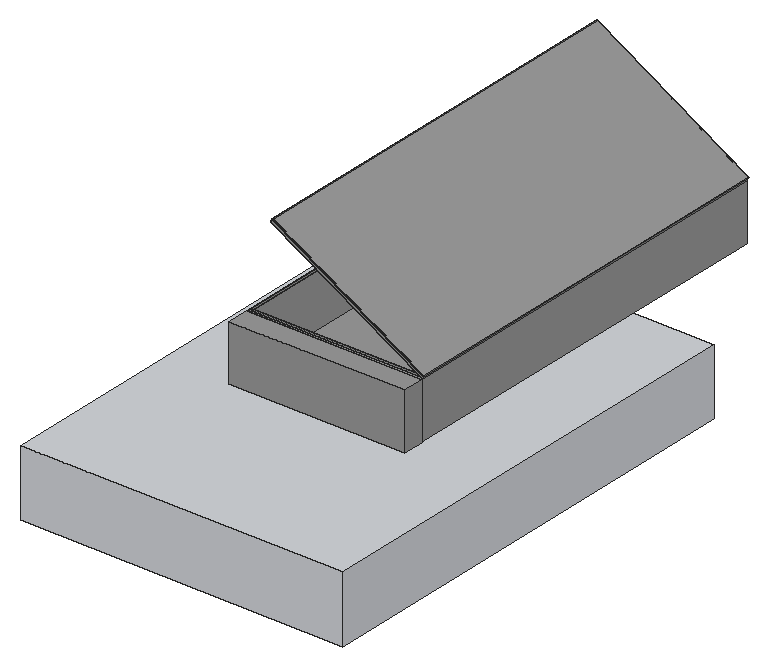
Revit family "Hager-Univers-IP55-D275-H1950-Cl.II-Steel_encl-NL-en", category Equipement électrique, Revit 2020
Family settings
  Hôte = Face
  Configuration du panneau = Deux colonnes, circuits au sein
  Cote de connecteur circulaire = Utiliser le diamètre
  Type d'élément = Tableau de raccordement
  Couper avec des vides une fois chargée = Non
  Partagée = Non
  Point de calcul de pièce = Non
Parameters (values of type "Floor installation IP55 W800 H1950 D275  - FR23S1")
  Width Control [instance] = if([EF000008 - Width] > Min Width, [EF000008 - Width], Min Width)  # 800 mm
  Commentaires du type = [HG000003 - Range]  # "Univers"
  Thickness Door [instance] = if([EF009171 - Material plate thickness door/cover] > 3 mm, 3 mm, [EF009171 - Material plate thickness door/cover])  # 1.5 mm
  Seal Frame Offset [instance] = 17 mm  # constant formula
  Plinth Visibility [instance] = [HG000027 - Plinth height] > 0 mm  # yes
  Model = ""
  Min Width [instance] = 100 mm  # constant formula
  Min Height [instance] = 100 mm  # constant formula
  Min Depth [instance] = (2 * [EF009170 - Material plate thickness cabinet]) + 1 mm  # 4 mm
  Internal Frame Depth [instance] = (Door System Depth * 0.5)  # 9 mm
  Height Control [instance] = if([EF000040 - Height] > Min Height, [EF000040 - Height], Min Height)  # 1950 mm
  HG000027 - Plinth height = 100 mm
  HG000026 - Floor standing = yes
  HG000024 - Bottom section height = 800 mm
  HG000023 - Double section enclosure = no
  HG000016 - Door 3d visibility [instance] = yes
  HG000015 - Clearance visibility [instance] = no
  HG000014 - Door on the right [instance] = yes
  HG000013 - Door on the left [instance] = not([HG000014 - Door on the right])  # no
  HG000012 - Door swing angle [instance] = 30.00°
  HG000010 - Asymmetric doors = no
  HG000009 - Double swing door = no
  HG000006 - Flush mounted = no
  HG000004 - Manufacturer reference = "FR23S1"
  HG000003 - Range = "Univers"
  HG000002 - With door or cover = yes
  Frame Offset Bottom [instance] = 10 mm  # constant formula
  Frame Offset [instance] = 15 mm  # constant formula
  EF015940 - Cover with overpressure release = no
  EF011959 - Degree of protection (NEMA) = ""
  EF009554 - Number of openings for flange plates = 6
  EF009212 - Cover model = "EV000116 - Closed"
  EF009171 - Material plate thickness door/cover = 1.5 mm
  EF009170 - Material plate thickness cabinet = 1.5 mm
  Fabricant = "Hager"  # constant formula
  EF008873 - Nominal current (In) = 800 A
  EF007800 - Suitable for lightning protection = no
  EF006306 - With lock = no
  EF006244 - Transparent cover/door = no
  EF005474 - Degree of protection (IP) = "EV006420 - IP55"
  EF004464 - Type of door = "EV002646 - Single"
  EF004427 - Number of modules = 432
  EF004293 - Impact strength = "EV008784 - IK10"
  EF003532 - Suitable for outdoor use = no
  EF002950 - Width in number of modular spacings = 24
  EF001613 - Circuit integrity = "EV000494 - None"
  EF001596 - Material housing = "EV000179 - Steel"
  EF001131 - Internal depth = 275 mm
  EF001088 - Extension possible = yes
  EF000437 - Number of conduit inlets = 6
  EF000339 - Type of cover = "EV004216 - Door"
  EF000266 - Number of rows = 12
  EF000218 - Built-in depth = 0 mm
  EF000118 - With mounting plate = no
  EF000116 - RAL-number = "7035"
  EF000049 - Depth = 275 mm
  EF000040 - Height = 1950 mm
  EF000008 - Width = 800 mm
  EF000007 - Colour = "EV000270 - Grey"
  EF000003 - Mounting method = "EV012274 - Floor installation"
  Door System Leaf Tolerance [instance] = 1.5 mm  # constant formula
  Door System Depth [instance] = 18 mm  # constant formula
  Door Height [instance] = Height Control - [HG000027 - Plinth height]  # 1850 mm
  Depth Control [instance] = if([EF000049 - Depth] > Min Depth, [EF000049 - Depth], Min Depth)  # 275 mm
  Default Elevation = 0 mm
  Connector Offset [instance] = Height Control / 2  # 975 mm
  Bottom Top Plate Trim [instance] = 1.5 mm  # constant formula
  Plinth height Ctrl [instance] = if([HG000027 - Plinth height] > 0 mm, [HG000027 - Plinth height], 12 mm)  # 100 mm
Types (11, lengths in mm): name | Width Control | HG000010 - Asymmetric doors | HG000009 - Double swing door | HG000004 - Manufacturer reference | EF009554 - Number of openings for flange plates | EF006244 - Transparent cover/door | EF004464 - Type of door | EF004427 - Number of modules | EF000437 - Number of conduit inlets | EF000008 - Width
  Floor installation IP55 W1050 H1950 D275  - FR24L1 | 1050 | yes | yes | "FR24L1" | 8 | yes | "EV003602 - Double" | 576 | 8 | 1050
  Floor installation IP55 W1050 H1950 D275  - FR24S1 | 1050 | yes | yes | "FR24S1" | 8 | no | "EV003602 - Double" | 576 | 8 | 1050
  Floor installation IP55 W1300 H1950 D275  - FR25L1 | 1300 | yes | yes | "FR25L1" | 10 | yes | "EV003602 - Double" | 720 | 10 | 1300
  Floor installation IP55 W1300 H1950 D275  - FR25S1 | 1300 | yes | yes | "FR25S1" | 10 | no | "EV003602 - Double" | 720 | 10 | 1300
  Floor installation IP55 W1550 H1950 D275  - FR26L1 | 1550 | yes | yes | "FR26L1" | 12 | yes | "EV003602 - Double" | 864 | 12 | 1550
  Floor installation IP55 W1550 H1950 D275  - FR26S1 | 1550 | yes | yes | "FR26S1" | 12 | no | "EV003602 - Double" | 864 | 12 | 1550
  Floor installation IP55 W300 H1950 D275  - FR21S1 | 300 | no | no | "FR21S1" | 2 | no | "EV002646 - Single" | 144 | 2 | 300
  Floor installation IP55 W550 H1950 D275  - FR22L1 | 550 | no | no | "FR22L1" | 4 | yes | "EV002646 - Single" | 288 | 4 | 550
  Floor installation IP55 W550 H1950 D275  - FR22S1 | 550 | no | no | "FR22S1" | 4 | no | "EV002646 - Single" | 288 | 4 | 550
  Floor installation IP55 W800 H1950 D275  - FR23L1 | 800 | no | no | "FR23L1" | 6 | yes | "EV002646 - Single" | 432 | 6 | 800
  Floor installation IP55 W800 H1950 D275  - FR23S1 | 800 | no | no | "FR23S1" | 6 | no | "EV002646 - Single" | 432 | 6 | 800
Reference planes
  plane 1 "Center (Front/Back)": y = 0
  plane 2: z = 0
  plane 3 "Center (Left/Right)": x = 0
  plane 4: z = 275
  plane 5: y = 101.5
  plane 6: y = 1025
  plane 7: y = 100
  plane 8: y = 1950
  plane 9: z = 0
  plane 10: x = -385
  plane 11: x = 385
  plane 12: x = 383.5
  plane 13: x = -383.5
  plane 14: y = 1948.5
  plane 15: x = -383
  plane 16: x = -400
  plane 17: x = 383
  plane 18: x = 400
  plane 19: x = 398.5
  plane 20: x = -398.5
  plane 21: y = 111.5
  plane 22: y = 1950
  plane 23: y = 1933.5
  plane 24: z = 257
  plane 25: z = 1.5
  plane 26: z = 255.5
  plane 27: z = 273.5
Forms (mm)
  Extrusion 1, solid
    sketch origin (0, 0, 0) x (1, 0, 0) y (0, 1, 0)
      loop
        line (-702.964, 1305) -> (-702.964, -811.445) -> (766.763, -811.445) -> (766.763, 1305) -> (-702.964, 1305)
    from 0 to -304.8
  Extrusion 2, solid, material "Hager_Steel_RAL7035_Light_Grey", visible <- "Plinth Visibility", detail levels medium+fine
    sketch origin (0, 0, 0) x (1, 0, 0) y (0, 1, 0)
      loop
        line (-400, 0) -> (400, 0) -> (400, 100) -> (-400, 100) -> (-400, 0)
    from 0 to 257
  Extrusion 3, solid, material "Hager_Steel_RAL7035_Light_Grey", detail levels medium+fine
    sketch origin (0, 0, 0) x (1, 0, 0) y (0, 1, 0)
      loop
        line (-400, 100) -> (400, 100) -> (400, 1950) -> (-400, 1950) -> (-400, 100)
    from 0 to 257
  Extrusion 4, void
    sketch origin (0, 0, 0) x (1, 0, 0) y (0, 1, 0)
      loop
        line (-398.5, 101.5) -> (398.5, 101.5) -> (398.5, 1948.5) -> (-398.5, 1948.5) -> (-398.5, 101.5)
    from 1.5 to 255.5
  Extrusion 5, void
    sketch origin (-381.607, -4572, 257) x (0, -1, 0) y (-1, 0, 0)
      loop
        line (-4683.5, 1.893) -> (-6505.5, 1.893) -> (-6505.5, -765.107) -> (-4683.5, -765.107) -> (-4683.5, 1.893)
    from 0 to 1.5 <- "EF009170 - Material plate thickness cabinet"
  Extrusion 6, solid, material "Hager_Steel_RAL7035_Light_Grey", detail levels fine
    sketch origin (0, 0, 257) x (1, 0, 0) y (0, 1, 0)
      loop
        line (-383.5, 1933.5) -> (-383.5, 111.5) -> (383.5, 111.5) -> (383.5, 1933.5) -> (-383.5, 1933.5)
      loop
        line (-385, 110) -> (385, 110) -> (385, 1935) -> (-385, 1935) -> (-385, 110)
    from 0 to 9 <- "Internal Frame Depth"
  Extrusion 7, solid, material "Hager_Steel_RAL7035_Light_Grey", detail levels coarse
    sketch origin (0, 0, 0) x (1, 0, 0) y (0, 1, 0)
      loop
        line (-400, 0) -> (400, 0) -> (400, 1950) -> (-400, 1950) -> (-400, 0)
    from 0 to 275
  Sweep 8, void
    path in 3D
      loop
        line (-400, 100, 0) -> (400, 100, 0) -> (400, 100, 257) -> (-400, 100, 257) -> (-400, 100, 0)
    profile origin (-400, 100, 128.5) x (-1, 0, 0) y (0, -1, 0)
      loop
        line (0, 0) -> (0, 1.5) -> (-1.5, 1.5)
        arc (-1.5, 1.5) -> (-1.061, 0.439) -> (0, 0) r 1.5
Cuts and joins
  Extrusion 4, Extrusion 5 cuts Extrusion 3
  Sweep 8 cuts Extrusion 2
Lines and regions (mm)
  Masking region 1
    outline origin (0, 0, 0) x (1, 0, 0) y (0, 0, 1)
      loop
        line (-400, 275) -> (-400, 0) -> (400, 0) -> (400, 275) -> (-400, 275)
  Masking region 2, detail levels medium+fine
    outline origin (0, 140, 0) x (0, 1, 0) y (0, 0, 1)
      loop
        line (-40, 0) -> (1810, 0) -> (1810, 257) -> (-40, 257) -> (-40, 0)
  Masking region 3, not visible, detail levels medium+fine
    outline origin (0, 297.922, 0) x (0, 1, 0) y (0, 0, 1)
      loop
        line (738.578, 0) -> (778.578, 0) -> (778.578, 263.5)
        arc (778.578, 263.5) -> (775.649, 270.571) -> (768.578, 273.5) r 10
        line (768.578, 273.5) -> (738.578, 273.5) -> (738.578, 0)
  Masking region 4, detail levels coarse
    outline origin (0, 0, 180) x (0, 1, 0) y (0, 0, 1)
      loop
        line (0, -180) -> (1950, -180) -> (1950, 95) -> (0, 95) -> (0, -180)
  Masking region 5, visible <- "Plinth Visibility", detail levels medium+fine
    outline origin (0, 52.24, 12.345) x (0, 0, -1) y (0, 1, 0)
      loop
        line (10.845, 47.76) -> (-243.155, 47.76)
        arc (-243.155, 47.76) -> (-243.594, 46.699) -> (-244.655, 46.26) r 1.5
        line (-244.655, 46.26) -> (-244.655, -52.24) -> (12.345, -52.24) -> (12.345, 46.26)
        arc (12.345, 46.26) -> (11.285, 46.699) -> (10.845, 47.76) r 1.5
  Masking region 6, detail levels medium+fine
    outline origin (-381.607, -4572, 257) x (-1, 0, 0) y (0, -1, 0)
      loop
        line (18.393, -6522) -> (18.393, -4672) -> (-781.607, -4672) -> (-781.607, -6522) -> (18.393, -6522)
  Masking region 7, visible <- "Plinth Visibility", detail levels medium+fine
    outline origin (-381.607, -4727, 257) x (-1, 0, 0) y (0, -1, 0)
      loop
        arc (16.893, -4827) -> (17.332, -4825.939) -> (18.393, -4825.5) r 1.5
        line (18.393, -4825.5) -> (18.393, -4727) -> (-781.607, -4727) -> (-781.607, -4825.5)
        arc (-781.607, -4825.5) -> (-780.546, -4825.939) -> (-780.107, -4827) r 1.5
        line (-780.107, -4827) -> (16.893, -4827)
  Masking region 8, detail levels coarse
    outline origin (-442.548, -4669.526, 257) x (-1, 0, 0) y (0, -1, 0)
      loop
        line (-42.548, -6619.526) -> (-42.548, -4669.526) -> (-842.548, -4669.526) -> (-842.548, -6619.526) -> (-42.548, -6619.526)
  sketch lines
    curve 1: line (-400, 100, 257) -> (-400, 100, 0)
    curve 2: line (400, 100, 257) -> (-400, 100, 257)
    curve 3: line (400, 100, 257) -> (400, 100, 0)
    curve 4: line (-400, 100, 0) -> (400, 100, 0)
Dimensions and locks
  "Depth Control": plane 4 to Extrusion 1
  "HG000027 - Plinth height": plane 1 "Center (Front/Back)" to plane 7
  "EF009170 - Material plate thickness cabinet": plane 5 to plane 7
  locked: connector elem to plane 3 "Center (Left/Right)"
  equal spacing: plane 8, plane 6, plane 7
  locked: connector elem to plane 6
  "EF009170 - Material plate thickness cabinet": plane 8 to plane 14
  "EF009170 - Material plate thickness cabinet": plane 10 to plane 13
  "EF009170 - Material plate thickness cabinet": plane 12 to plane 11
  "Frame Offset": plane 20 to plane 13
  "Frame Offset": plane 12 to plane 19
  "EF009170 - Material plate thickness cabinet": plane 16 to plane 20
  "EF009170 - Material plate thickness cabinet": plane 19 to plane 18
  "Seal Frame Offset": plane 16 to plane 15
  "Seal Frame Offset": plane 17 to plane 18
  "Frame Offset Bottom": plane 21 to plane 5
  "Frame Offset": plane 14 to plane 23
  equal spacing: plane 16, plane 3 "Center (Left/Right)", plane 18
  "Width Control": plane 16 to plane 18
  "EF009170 - Material plate thickness cabinet": plane 4 to plane 27
  "EF009170 - Material plate thickness cabinet": plane 24 to plane 26
  "EF009170 - Material plate thickness cabinet": plane 25 to level
  "Door System Depth": plane 4 to plane 24
  "Height Control": plane 1 "Center (Front/Back)" to Extrusion 7 sketch curve
  "Height Control": Masking region 4 sketch curve to plane 1 "Center (Front/Back)"
  "Height Control": plane 1 "Center (Front/Back)" to plane 22
  "Bottom Top Plate Trim": profile plane to Sweep 8 sketch curve
  "Bottom Top Plate Trim": Sweep 8 sketch curve to profile plane
  "Plinth height Ctrl": plane 1 "Center (Front/Back)" to Extrusion 2 sketch curve
  "Plinth height Ctrl": Masking region 5 sketch curve to plane 1 "Center (Front/Back)"
  "Plinth height Ctrl": plane 1 "Center (Front/Back)" to Masking region 7 sketch curve
  "Thickness Door": Extrusion 6 sketch curve to Extrusion 6 sketch curve  (x3)
  "Thickness Door": cut or joined group of Extrusion 3, Extrusion 4, Extrusion 5 to Extrusion 6 sketch curve
  radius of Masking region 3 sketch curve = 10 mm
  "Bottom Top Plate Trim": radius of Masking region 5 sketch curve  (x2)
  "Bottom Top Plate Trim": radius of Sweep 8 sketch curve
  "Bottom Top Plate Trim": radius of Masking region 7 sketch curve  (x2)
  aligned and locked: plane 2 to Extrusion 1
  aligned and locked: level to Extrusion 1
  aligned and locked: level to Masking region 1 sketch curve
  aligned and locked: Masking region 1 sketch curve to plane 18
  aligned and locked: Masking region 1 sketch curve to plane 16
  aligned and locked: plane 7 to Masking region 2 sketch curve
  aligned and locked: level to Masking region 3 sketch curve
  aligned and locked: Masking region 3 sketch curve to plane 27
  aligned and locked: level to Masking region 2 sketch curve
  aligned and locked: plane 1 "Center (Front/Back)" to Extrusion 2 sketch curve
  aligned and locked: Extrusion 3 sketch curve to plane 7
  aligned and locked: plane 16 to Extrusion 3 sketch curve
  aligned and locked: plane 18 to Extrusion 3 sketch curve
  aligned and locked: plane 20 to Extrusion 4 sketch curve
  aligned and locked: plane 19 to Extrusion 4 sketch curve
  aligned and locked: Extrusion 4 sketch curve to plane 5
  aligned and locked: Extrusion 4 to plane 25
  aligned and locked: plane 26 to Extrusion 4
  aligned and locked: plane 24 to Extrusion 3
  aligned and locked: Extrusion 5 sketch curve to plane 21
  aligned and locked: Extrusion 5 sketch curve to plane 13
  aligned and locked: Extrusion 5 sketch curve to plane 12
  aligned and locked: plane 18 to Extrusion 7 sketch curve
  aligned and locked: plane 1 "Center (Front/Back)" to Extrusion 7 sketch curve
  aligned and locked: plane 16 to Extrusion 7 sketch curve
  aligned and locked: plane 4 to Extrusion 7
  aligned and locked: Extrusion 7 to level
  aligned and locked: level to Masking region 4 sketch curve
  aligned and locked: Masking region 4 sketch curve to plane 1 "Center (Front/Back)"
  aligned and locked: Masking region 4 sketch curve to plane 4
  aligned and locked: nested 1 to level
  aligned and locked: nested 1 to plane 16
  aligned and locked: plane 8 to Extrusion 3 sketch curve
  aligned and locked: plane 23 to Extrusion 5 sketch curve
  aligned and locked: plane 14 to Extrusion 4 sketch curve
  aligned and locked: Masking region 2 sketch curve to plane 8
  aligned and locked: level to Masking region 5 sketch curve
  aligned and locked: plane 16 to Extrusion 2 sketch curve
  aligned and locked: plane 18 to Extrusion 2 sketch curve
  aligned and locked: Masking region 5 sketch curve to plane 24
  aligned and locked: Masking region 2 sketch curve to plane 24
  aligned and locked: plane 24 to Extrusion 2
  aligned and locked: profile plane to Sweep 8 sketch curve  (x2)
  aligned and locked: Masking region 6 sketch curve to plane 18
  aligned and locked: Masking region 6 sketch curve to plane 22
  aligned and locked: Masking region 6 sketch curve to plane 16
  aligned and locked: plane 8 to plane 22
  aligned and locked: Masking region 6 sketch curve to plane 7
  aligned and locked: Masking region 7 sketch curve to plane 16
  aligned and locked: Masking region 7 sketch curve to plane 1 "Center (Front/Back)"
  aligned and locked: Masking region 7 sketch curve to plane 18
  aligned and locked: Masking region 8 sketch curve to plane 1 "Center (Front/Back)"
  aligned and locked: Masking region 8 sketch curve to plane 18
  aligned and locked: Masking region 8 sketch curve to plane 22
  aligned and locked: Masking region 8 sketch curve to plane 16
  aligned and locked: nested 2 to plane 7
  aligned and locked: plane 3 "Center (Left/Right)" to nested 2
  aligned and locked: nested 2 to plane 24
  aligned and locked: Extrusion 6 sketch curve to cut or joined group of Extrusion 3, Extrusion 4, Extrusion 5  (x4)
Automatic sketch dimensions
  Extrusion 1 sketch curve to Extrusion 1 sketch curve = 1469.727 mm
  Extrusion 1 sketch curve to Extrusion 1 sketch curve = 2116.445 mm
  Masking region 1 sketch curve to plane 4 = 0 mm
  plane 6 to Masking region 3 sketch curve = 11.5 mm
  Masking region 3 sketch curve to Masking region 3 sketch curve = 30 mm
  Masking region 5 sketch curve to plane 1 "Center (Front/Back)" = 0 mm
Nested families
  nested 1: "Hager_Enclosure_Symbol" at (-400, 0, 0) x (1, 0, 0) z (0, -1, 0), Height <- "Depth Control", Width <- "Width Control", type "Hager_Enclosure_Symbol"
    with Width_Ctrl 800 mm, Width 800 mm, Height_Ctrl 275 mm, Height 275 mm, A_Width_Int 18.047 mm, A_Width 216.562 mm, A_Height_Ctrl 240.625 mm, A_Height 240.625 mm
  nested 2: "EC000058_Univers_Door" at (0, 100, 257) x (1, 0, 0) z (0, 1, 0), Leaf_Tolerance <- "Door System Leaf Tolerance", Angle <- "HG000012 - Door swing angle", Door_Depth <- "Door System Depth", Door_Left <- "HG000013 - Door on the left", Transparent <- "EF006244 - Transparent cover/door", Assymetrical <- "HG000010 - Asymmetric doors", Width <- "Width Control", Clearance <- "HG000015 - Clearance visibility", Double <- "HG000009 - Double swing door", 3d_Door <- "HG000016 - Door 3d visibility", Lock_Visibility <- "EF006306 - With lock", Width_Ctrl <- "Width Control", Door_Right <- "HG000014 - Door on the right", Door <- "HG000002 - With door or cover", Height <- "Door Height", Thickness <- "Thickness Door", type "EC000058_Univers_Door", detail levels medium+fine
    with min_wh 4 mm, Width_Ctrl 800 mm, Width 800 mm, Transparent no, Thickness 1.5 mm, Seal_Material Hager_Rubber, Lock_Visibility no, Lock_Material Hager_Plastic_RAL9005_Jet_Black, Leaf_Width 800 mm, Leaf_Tolerance_External_Sides 0 mm, Leaf_Tolerance 1.5 mm, Leaf_Offset 0 mm, Leaf_Height 1847 mm, Leaf_2_Width 800 mm, Leaf_2_Offset 400 mm, Leaf_1_Width 800 mm, Leaf_1_Offset 400 mm, Height_Ctrl 1850 mm, Height 1850 mm, Glass_Material Hager_Glass, Double_Clearance_Ctrl no, Double no, Door_Right_Ctrl yes, Door_Right yes, Door_Material Hager_Steel_RAL7035_Light_Grey, Door_Left_Ctrl no, Door_Left no, Door_Depth 18 mm, Door yes, Clearance_Material Hager_Clearance, Clearance_Depth 800 mm, Clearance_Ctrl no, Clearance no, Assymetrical no, Angle 30.00°, 3d_Door yes
Connectors
  electrical at (0, 1025, 0)
    settings: on plane 9, index 1, voltage 0 V, apparent load 0 VA, apparent load phase1 0 VA, apparent load phase2 0 VA, apparent load phase3 0 VA, power factor 1, load classification "Other", number of poles 1, system type 30, power factor state 1, is connector primary yes, connector utility no, sub classification motor no, connector description ""
Definition of nested family "EC000058_Univers_Door"
  Parameters (values of type "EC000058_Univers_Door")
    min_wh [instance] = (2 * Thickness) + 1 mm  # 11 mm
    Width_Ctrl [instance] = 400 mm
    Width [instance] = 500 mm
    Transparent [instance] = yes
    Thickness [instance] = 5 mm
    Seal_Material [instance] = none
    Lock_Visibility [instance] = yes
    Lock_Material [instance] = none
    Leaf_Width [instance] = if((Width_Ctrl - 2 * Leaf_Tolerance_External_Sides) > 0 mm, (Width_Ctrl - 2 * Leaf_Tolerance_External_Sides), min_wh)  # 400 mm
    Leaf_Tolerance_External_Sides [instance] = 0 mm  # constant formula
    Leaf_Tolerance [instance] = 1.5 mm
    Leaf_Offset [instance] = 0 mm  # constant formula
    Leaf_Height [instance] = if((Height_Ctrl - 2 * Leaf_Tolerance) > 0 mm, (Height_Ctrl - 2 * Leaf_Tolerance), min_wh)  # 497 mm
    Leaf_2_Width [instance] = if(and(and(Double, Assymetrical), Door_Left), (Leaf_Width / 3) - (Leaf_Tolerance / 2), if(and(and(Double, Assymetrical), Door_Right), (Leaf_Width / 3) * 2 - (Leaf_Tolerance / 2), if(and(Double, not(Assymetrical)), (Leaf_Width / 2) - Leaf_Tolerance, Leaf_Width)))  # 400 mm
    Leaf_2_Offset [instance] = if(and(Double, Assymetrical), Leaf_2_Width / 2, if(and(Double, not(Assymetrical)), Leaf_Width / 4, Leaf_Width / 2))  # 200 mm
    Leaf_1_Width [instance] = if(and(and(Double, Assymetrical), Door_Right), (Leaf_Width / 3) - (Leaf_Tolerance / 2), if(and(and(Double, Assymetrical), Door_Left), (Width / 3) * 2 - (Leaf_Tolerance / 2), if(and(Double, not(Assymetrical)), (Leaf_Width / 2) - Leaf_Tolerance, Leaf_Width)))  # 400 mm
    Leaf_1_Offset [instance] = if(and(Double, Assymetrical), Leaf_1_Width / 2, if(and(Double, not(Assymetrical)), Leaf_Width / 4, Leaf_Width / 2))  # 200 mm
    Height_Ctrl [instance] = if(Height > min_wh, Height, min_wh)  # 500 mm
    Height [instance] = 500 mm
    Glass_Material [instance] = none
    Double_Clearance_Ctrl [instance] = and(Double, Clearance)  # no
    Double [instance] = no
    Door_Right_Ctrl [instance] = and(or(Door_Right, Double), Door)  # yes
    Door_Right [instance] = yes
    Door_Material [instance] = none
    Door_Left_Ctrl [instance] = and(or(Door_Left, Double), Door)  # no
    Door_Left [instance] = no
    Door_Depth [instance] = 30 mm
    Door [instance] = yes
    Default Elevation = 1219.2 mm
    Clearance_Material [instance] = none
    Clearance_Depth [instance] = if(Leaf_1_Width > Leaf_2_Width, Leaf_1_Width, Leaf_2_Width)  # 400 mm
    Clearance_Ctrl [instance] = and(not(Double), Clearance)  # yes
    Clearance [instance] = yes
    Assymetrical [instance] = yes
    Angle [instance] = 30.00°
    3d_Door [instance] = yes
  Reference planes
    plane 1 "Center (Front/Back)": y = 0
    plane 2 "Bottom": z = 0
    plane 3 "Center (Left/Right)": x = 0
    plane 4: z = 500
    plane 5: x = -200
    plane 6: x = 200
    plane 7: z = 500
    plane 8: x = -200
    plane 9: z = 0
    plane 10: x = 200
    plane 11: y = 0
    plane 12: z = 1.5
    plane 13: x = -600
    plane 14: y = -400
    plane 15: x = 600
    plane 16: x = 0
    plane 17: x = 0
    plane 18: x = -200
    plane 19: x = 200
    plane 20: z = 498.5
  Forms (mm)
    Extrusion 1, solid, material <- "Clearance_Material", visible <- "Double_Clearance_Ctrl"
      sketch origin (1200, 0, 0) x (1, 0, 0) y (0, 0, -1)
        loop
          line (-1800, -498.5) -> (-600, -498.5) -> (-600, 0) -> (-1800, 0) -> (-1800, -498.5)
      from 0 to -400
  Dimensions and locks
    equal spacing: plane 5, plane 3 "Center (Left/Right)", plane 6
    "Width_Ctrl": plane 5 to plane 6
    "Leaf_Offset": plane 5 to plane 8
    "Leaf_Offset": plane 6 to plane 10
    "Leaf_Offset": plane 9 to level
    "Leaf_Offset": plane 4 to plane 7
    "Height_Ctrl": plane 4 to level
    "Leaf_Tolerance": plane 12 to plane 9
    locked: plane 11 to plane 1 "Center (Front/Back)"
    "Leaf_1_Offset": plane 18 to plane 16
    "Leaf_2_Offset": plane 17 to plane 19
    "Leaf_1_Width": plane 13 to plane 8
    "Leaf_2_Width": plane 10 to plane 15
    "Clearance_Depth": plane 14 to plane 1 "Center (Front/Back)"
    "Leaf_Tolerance_External_Sides": plane 8 to plane 18
    "Leaf_Tolerance_External_Sides": plane 19 to plane 10
    "Leaf_Tolerance": plane 7 to plane 20
    aligned and locked: level to plane 2 "Bottom"
    aligned and locked: nested 1 to plane 16
    aligned and locked: nested 2 to plane 17
    aligned and locked: Extrusion 1 to plane 13
    aligned and locked: plane 15 to Extrusion 1
    aligned and locked: Extrusion 1 to plane 14
    aligned and locked: plane 12 to nested 1
    aligned and locked: nested 2 to plane 12
    aligned and locked: Extrusion 1 to plane 11
    aligned and locked: plane 20 to Extrusion 1
    aligned and locked: nested 2 to plane 11
    aligned and locked: nested 1 to plane 11
  Automatic sketch dimensions
    Extrusion 1 sketch curve to level = 0 mm
    plane 5 to Extrusion 1 sketch curve = 400 mm
    plane 6 to Extrusion 1 sketch curve = 400 mm
    Extrusion 1 sketch curve to plane 4 = 1.5 mm
  Nested families
    nested 1: "EC000058_Univers_Door_Leaf" at (0, 0, 1.5), Width <- "Leaf_1_Width", visible <- "Door_Left_Ctrl", Leaf_Height <- "Leaf_Height", Angle <- "Angle", 3d_Door <- "3d_Door", Transparent <- "Transparent", Clearance Material <- "Clearance_Material", Clearance <- "Clearance_Ctrl", Door_Material <- "Door_Material", Glass_Material <- "Glass_Material", Door_Depth <- "Door_Depth", Lock_Material <- "Lock_Material", Seal_Material <- "Seal_Material", Lock_Visibility <- "Lock_Visibility", Thickness <- "Thickness", type "EC000058_Univers_Door_Leaf"
      with Width 400 mm, Transparent_Glass_Offset 30 mm, Transparent_Ctrl yes, Transparent yes, Thickness 5 mm, Standard no, Seal_Material none, Seal_D2 8 mm, Seal_D1 1 mm, Offset_Internal_Frame 10 mm, Lock_Width 20 mm, Lock_Visibility_3d yes, Lock_Visibility yes, Lock_Thickness_3 3 mm, Lock_Thickness_2 1 mm, Lock_Thickness_1 3 mm, Lock_Radius_Offset_2 16 mm, Lock_Radius_Offset_1 15 mm, Lock_Radius_2 5 mm, Lock_Radius 6 mm, Lock_Offset 5 mm, Lock_Material none, Lock_Height 80 mm, Lock_Cover_Top_Offset_2d 17 mm, Lock_Cover_Height -65 mm, Leaf_Height 497 mm, Internal_Seal_Thickness 8 mm, Internal_Seal_Depth_2 4.5 mm, Internal_Frame_Depth 25 mm, Glass_Thickness -1 mm, Glass_Offset -2 mm, Glass_Material none, Door_Material none, Door_Depth 30 mm, Clearance Material none, Clearance yes, Angle_Ctrl 30.00°, Angle 30.00°, 3d_Door yes
    nested 2: "EC000058_Univers_Door_Leaf" at (0, 0, 1.5) x (-1, 0, 0) z (0, 0, 1), Width <- "Leaf_2_Width", visible <- "Door_Right_Ctrl", Leaf_Height <- "Leaf_Height", Angle <- "Angle", 3d_Door <- "3d_Door", Transparent <- "Transparent", Clearance Material <- "Clearance_Material", Clearance <- "Clearance_Ctrl", Door_Material <- "Door_Material", Glass_Material <- "Glass_Material", Door_Depth <- "Door_Depth", Lock_Material <- "Lock_Material", Seal_Material <- "Seal_Material", Lock_Visibility <- "Lock_Visibility", Thickness <- "Thickness", type "EC000058_Univers_Door_Leaf"
      with Width 400 mm, Transparent_Glass_Offset 30 mm, Transparent_Ctrl yes, Transparent yes, Thickness 5 mm, Standard no, Seal_Material none, Seal_D2 8 mm, Seal_D1 1 mm, Offset_Internal_Frame 10 mm, Lock_Width 20 mm, Lock_Visibility_3d yes, Lock_Visibility yes, Lock_Thickness_3 3 mm, Lock_Thickness_2 1 mm, Lock_Thickness_1 3 mm, Lock_Radius_Offset_2 16 mm, Lock_Radius_Offset_1 15 mm, Lock_Radius_2 5 mm, Lock_Radius 6 mm, Lock_Offset 5 mm, Lock_Material none, Lock_Height 80 mm, Lock_Cover_Top_Offset_2d 17 mm, Lock_Cover_Height -65 mm, Leaf_Height 497 mm, Internal_Seal_Thickness 8 mm, Internal_Seal_Depth_2 4.5 mm, Internal_Frame_Depth 25 mm, Glass_Thickness -1 mm, Glass_Offset -2 mm, Glass_Material none, Door_Material none, Door_Depth 30 mm, Clearance Material none, Clearance yes, Angle_Ctrl 30.00°, Angle 30.00°, 3d_Door yes
  Definition of nested family "EC000058_Univers_Door_Leaf"
    Parameters (values of type "EC000058_Univers_Door_Leaf")
      Width [instance] = 2000 mm
      Transparent_Glass_Offset [instance] = 30 mm
      Transparent_Ctrl [instance] = and(Transparent, [3d_Door])  # yes
      Transparent [instance] = yes
      Thickness [instance] = 5 mm
      Standard [instance] = and(not(Transparent), [3d_Door])  # no
      Seal_Material [instance] = none
      Seal_D2 [instance] = 8 mm  # constant formula
      Seal_D1 [instance] = 1 mm  # constant formula
      Offset_Internal_Frame [instance] = 10 mm  # constant formula
      Lock_Width [instance] = 20 mm  # constant formula
      Lock_Visibility_3d [instance] = and(Lock_Visibility, [3d_Door])  # yes
      Lock_Visibility [instance] = yes
      Lock_Thickness_3 [instance] = 3 mm  # constant formula
      Lock_Thickness_2 [instance] = 1 mm  # constant formula
      Lock_Thickness_1 [instance] = 3 mm  # constant formula
      Lock_Radius_Offset_2 [instance] = Lock_Radius_Offset_1 + 1 mm  # 16 mm
      Lock_Radius_Offset_1 [instance] = 15 mm  # constant formula
      Lock_Radius_2 [instance] = Lock_Radius - 1 mm  # 5 mm
      Lock_Radius [instance] = 6 mm  # constant formula
      Lock_Offset [instance] = 5 mm  # constant formula
      Lock_Material [instance] = none
      Lock_Height [instance] = 80 mm  # constant formula
      Lock_Cover_Top_Offset_2d [instance] = Lock_Radius_Offset_2 + 1 mm  # 17 mm
      Lock_Cover_Height [instance] = -(Lock_Height - Lock_Radius_Offset_1)  # -65 mm
      Leaf_Height [instance] = 2720.336 mm
      Internal_Seal_Thickness [instance] = 8 mm  # constant formula
      Internal_Seal_Depth_2 [instance] = 4.5 mm  # constant formula
      Internal_Frame_Depth [instance] = if(Door_Depth - Thickness > 5 mm, Door_Depth - Thickness, 5 mm)  # 25 mm
      Glass_Thickness [instance] = if(Thickness > 15 mm, Glass_Offset + 10 mm, -1 mm)  # -1 mm
      Glass_Offset [instance] = if(Thickness > 15 mm, -(Thickness + 10 mm) / 2, -2 mm)  # -2 mm
      Glass_Material [instance] = none
      Door_Material [instance] = none
      Door_Depth [instance] = 30 mm
      Default Elevation = 0 mm
      Clearance Material [instance] = none
      Clearance [instance] = yes
      Angle_Ctrl [instance] = if(Angle > 180.00°, 180.00°, Angle)  # 90.00°
      Angle [instance] = 90.00°
      3d_Door [instance] = yes
    Reference planes
      plane 1 "Center (Front/Back)": y = 0
      plane 2: z = 0
      plane 3 "Center (Left/Right)": x = 0
      plane 4: y = 2000
      plane 5: x = -1000
      plane 6: x = 1000
      plane 7: x = -3000
      plane 8: z = 2720.336
      plane 9: z = 30
      plane 10: z = 2690.336
      plane 11: x = 970
      plane 12: x = -970
      plane 13: y = -3
      plane 14: z = 107.833
      plane 15: y = -5
      plane 16: y = -223.314
      plane 17: x = -1000
      plane 18: z = 1360.168
      plane 19: y = 30
    Forms (mm)
      Extrusion 1, solid, material <- "Clearance Material", visible <- "Clearance"
        sketch origin (0, 0, 0) x (1, 0, 0) y (0, 0, 1)
          loop
            line (-3000, 2720.336) -> (-3000, 0) -> (1000, 0) -> (1000, 2720.336) -> (-3000, 2720.336)
        from 0 to -2000
      Extrusion 2, solid, material <- "Door_Material", visible <- "Standard", detail levels medium+fine
        sketch origin (-1000, 0, 0) x (0, 1, 0) y (-1, 0, 0)
          loop
            line (0, 30) -> (0, 25) -> (2000, 25) -> (2000, 30) -> (0, 30)
        from 0 to 2720.336 <- "Leaf_Height"
      Extrusion 3, solid, material <- "Door_Material", visible <- "Transparent_Ctrl", detail levels medium+fine
        sketch origin (-1000, 0, 0) x (0, 1, 0) y (-1, 0, 0)
          loop
            line (0, 25) -> (2000, 25) -> (2000, 30) -> (0, 30) -> (0, 25)
        from 0 to 2720.336 <- "Leaf_Height"
      Extrusion 4, void
        sketch origin (-1025, 2000, 0) x (0, 1, 0) y (0, 0, -1)
          loop
            line (-30, -2690.336) -> (-30, -30) -> (-1970, -30) -> (-1970, -2690.336) -> (-30, -2690.336)
        from 0 to 5 <- "Thickness"
      Sweep 5, solid, material <- "Seal_Material", visible <- "Transparent_Ctrl", detail levels fine
        path in 3D
          loop
            line (-1025, 30, 30) -> (-1025, 30, 2690.336) -> (-1025, 1970, 2690.336) -> (-1025, 1970, 30) -> (-1025, 30, 30)
        profile origin (-1025, 1000, 30) x (1, 0, 0) y (0, 0, 1)
          loop
            line (0, 0) -> (0, -8) -> (1, -8) -> (1, 0) -> (0, 0)
      Extrusion 6, solid, material <- "Glass_Material", visible <- "Transparent_Ctrl", detail levels medium+fine
        sketch origin (-1030, 0, 0) x (0, 1, 0) y (0, 0, -1)
          loop
            line (1970, -2690.336) -> (1970, -30) -> (30, -30) -> (30, -2690.336) -> (1970, -2690.336)
        from -2 <- "Glass_Offset" to -1 <- "Glass_Thickness"
      Extrusion 7, solid, material <- "Door_Material", visible <- "3d_Door", detail levels medium+fine
        sketch origin (-1025, 2000, 0) x (0, -1, 0) y (0, 0, -1)
          loop
            line (0, -2720.336) -> (2000, -2720.336) -> (2000, 0) -> (0, 0) -> (0, -2720.336)
          loop
            line (1995, -5) -> (5, -5) -> (5, -2715.336) -> (1995, -2715.336) -> (1995, -5)
        from 0 to 25 <- "Internal_Frame_Depth"
      Sweep 8, solid, material <- "Seal_Material", visible <- "Transparent_Ctrl", detail levels fine
        path in 3D
          loop
            line (-1025, 0, 0) -> (-1025, 2000, 0) -> (-1025, 2000, 2720.336) -> (-1025, 0, 2720.336) -> (-1025, 0, 0)
        profile origin (-1025, 0, 1360.168) x (1, 0, 0) y (0, 1, 0)
          loop
            line (0, 10) -> (2.975, 10)
            arc (2.975, 10) -> (4.053, 10.447) -> (4.5, 11.525) r 1.525
            line (4.5, 11.525) -> (4.5, 16.527)
            arc (4.5, 16.527) -> (4.069, 17.569) -> (3.027, 18) r 1.473
            line (3.027, 18) -> (0, 18) -> (0, 10)
      Extrusion 9, solid, material <- "Lock_Material", visible <- "Lock_Visibility_3d", detail levels fine
        sketch origin (-1030, 0, 0) x (0, 1, 0) y (0, 0, -1)
          loop
            arc (1993.5, -1400.168) -> (1994.561, -1399.729) -> (1995, -1398.668) r 1.5
            line (1995, -1398.668) -> (1995, -1320.168) -> (1975, -1320.168) -> (1975, -1398.668)
            arc (1975, -1398.668) -> (1975.439, -1399.729) -> (1976.5, -1400.168) r 1.5
            line (1976.5, -1400.168) -> (1993.5, -1400.168)
        from 3 <- "Lock_Thickness_1" to 0
      Blend 10, solid, material <- "Lock_Material", visible <- "Lock_Visibility_3d", detail levels fine
        base sketch origin (-1033, 0, 0) x (0, 1, 0) y (0, 0, -1)
          loop
            line (1975, -1320.168) -> (1975, -1398.668)
            arc (1975, -1398.668) -> (1975.439, -1399.729) -> (1976.5, -1400.168) r 1.5
            line (1976.5, -1400.168) -> (1993.5, -1400.168)
            arc (1993.5, -1400.168) -> (1994.561, -1399.729) -> (1995, -1398.668) r 1.5
            line (1995, -1398.668) -> (1995, -1320.168) -> (1975, -1320.168)
        top sketch origin (-1033, 0, 0) x (0, 1, 0) y (0, 0, -1)
          loop
            line (1976, -1320.168) -> (1976, -1398.668)
            arc (1976, -1398.668) -> (1976.146, -1399.022) -> (1976.5, -1399.168) r 0.5
            line (1976.5, -1399.168) -> (1993.5, -1399.168)
            arc (1993.5, -1399.168) -> (1993.854, -1399.022) -> (1994, -1398.668) r 0.5
            line (1994, -1398.668) -> (1994, -1320.168) -> (1976, -1320.168)
        from 0 to 1 <- "Lock_Thickness_2"
      Blend 11, solid, material <- "Lock_Material", visible <- "Lock_Visibility_3d", detail levels fine
        base sketch origin (-1034, 0, 0) x (0, 1, 0) y (0, 0, -1)
          loop
            line (1978, -1320.168) -> (1978, -1384.168)
            arc (1978, -1384.168) -> (1985, -1391.168) -> (1992, -1384.168) r 7
            line (1992, -1384.168) -> (1992, -1320.168) -> (1978, -1320.168)
        top sketch origin (-1034, 0, 0) x (0, 1, 0) y (0, 0, -1)
          loop
            line (1991, -1320.168) -> (1979, -1320.168) -> (1979, -1383.168)
            arc (1979, -1383.168) -> (1985, -1389.168) -> (1991, -1383.168) r 6
            line (1991, -1383.168) -> (1991, -1320.168)
        from 0 to 3 <- "Lock_Thickness_3"
      Extrusion 12, solid, material <- "Lock_Material", visible <- "Lock_Visibility_3d", detail levels fine
        sketch origin (-1030, 1975, 1320.168) x (1, 0, 0) y (0, -1, 0)
          loop
            line (-7, -19) -> (-7, -1) -> (0, -1) -> (0, 0) -> (-8, 0) -> (-8, -20) -> (0, -20) -> (0, -19) -> (-7, -19)
        from 0 to -65 <- "Lock_Cover_Height"
      Extrusion 13, void
        sketch origin (-1038, 1995, 1320.168) x (-1, 0, 0) y (0, 0, -1)
          loop
            line (-5, -65) -> (0, -65) -> (-5, -60) -> (-5, -65)
        from 0 to 20 <- "Lock_Width"
      Extrusion 14, void
        sketch origin (-1038, 1975, 1320.168) x (0, -1, 0) y (0, 0, -1)
          loop
            circle (-10, -15.995) r 6
          loop
            circle (-10, -15.995) r 5
        from 0 to 2
      Extrusion 15, solid, material <- "Lock_Material", visible <- "Lock_Visibility_3d", detail levels medium
        sketch origin (-1030, 0, 0) x (0, 1, 0) y (0, 0, -1)
          loop
            arc (1993.5, -1400.168) -> (1994.561, -1399.729) -> (1995, -1398.668) r 1.5
            line (1995, -1398.668) -> (1995, -1320.168) -> (1975, -1320.168) -> (1975, -1398.668)
            arc (1975, -1398.668) -> (1975.439, -1399.729) -> (1976.5, -1400.168) r 1.5
            line (1976.5, -1400.168) -> (1993.5, -1400.168)
        from 8 to 0
    Cuts and joins
      Extrusion 4 cuts Extrusion 3
      Extrusion 13, Extrusion 14 cuts Extrusion 9
      Extrusion 14 cuts Blend 11
      Extrusion 13, Extrusion 14 cuts Extrusion 12
      joined: Extrusion 9, Blend 10, Blend 11, Extrusion 12
      Extrusion 14 cuts Extrusion 15
    Lines and regions (mm)
      Masking region 1, visible <- "Lock_Visibility", detail levels fine
        outline origin (0, 0, 0) x (0, 1, 0) y (0, 0, 1)
          loop
            line (30, 1320.168) -> (33, 1320.168) -> (33, 1400.168) -> (30, 1400.168) -> (30, 1320.168)
      Masking region 2, visible <- "Lock_Visibility", detail levels fine
        outline origin (0, 3.143, 0) x (0, 1, 0) y (0, 0, 1)
          loop
            line (29.857, 1354.168) -> (30.857, 1354.168) -> (30.857, 1366.168) -> (29.857, 1366.168) -> (29.857, 1354.168)
      Masking region 3, detail levels medium+fine
        outline origin (0, 0, 0) x (0, 1, 0) y (0, 0, 1)
          loop
            line (0, 0) -> (30, 0) -> (30, 2720.336) -> (0, 2720.336) -> (0, 0)
      Masking region 4, detail levels medium+fine
        outline origin (0, 0, 0) x (1, 0, 0) y (0, 0, 1)
          loop
            line (-1000, 2720.336) -> (-1000, 0) -> (1000, 0) -> (1000, 2720.336) -> (-1000, 2720.336)
      Masking region 5, visible <- "Lock_Visibility", detail levels fine
        outline origin (-47.116, 0, 0) x (1, 0, 0) y (0, 0, 1)
          loop
            arc (1024.616, 1399.168) -> (1023.556, 1398.729) -> (1023.116, 1397.668) r 1.5
            line (1023.116, 1397.668) -> (1023.116, 1320.168) -> (1041.116, 1320.168) -> (1041.116, 1397.668)
            arc (1041.116, 1397.668) -> (1040.677, 1398.729) -> (1039.616, 1399.168) r 1.5
            line (1039.616, 1399.168) -> (1024.616, 1399.168)
      Masking region 6, visible <- "Lock_Visibility", detail levels medium+fine
        outline origin (-25, 0, 0) x (1, 0, 0) y (0, 0, 1)
          loop
            arc (1001.5, 1400.168) -> (1000.439, 1399.729) -> (1000, 1398.668) r 1.5
            line (1000, 1398.668) -> (1000, 1320.168) -> (1020, 1320.168) -> (1020, 1398.668)
            arc (1020, 1398.668) -> (1019.561, 1399.729) -> (1018.5, 1400.168) r 1.5
            line (1018.5, 1400.168) -> (1001.5, 1400.168)
      Masking region 7, visible <- "Lock_Visibility", detail levels fine
        outline origin (-73.735, 0, 0) x (1, 0, 0) y (0, 0, 1)
          loop
            line (1051.735, 1382.168) -> (1065.735, 1382.168) -> (1065.735, 1384.168)
            arc (1065.735, 1384.168) -> (1058.735, 1391.168) -> (1051.735, 1384.168) r 7
            line (1051.735, 1384.168) -> (1051.735, 1382.168)
      Masking region 8, visible <- "Lock_Visibility", detail levels fine
        outline origin (-73.735, 0, 0) x (1, 0, 0) y (0, 0, 1)
          loop
            line (1052.735, 1382.168) -> (1064.735, 1382.168) -> (1064.735, 1383.168)
            arc (1064.735, 1383.168) -> (1058.735, 1389.168) -> (1052.735, 1383.168) r 6
            line (1052.735, 1383.168) -> (1052.735, 1382.168)
      Masking region 9, visible <- "Lock_Visibility", detail levels fine
        outline origin (-25, 0, 0) x (1, 0, 0) y (0, 0, 1)
          loop
            line (1020, 1320.168) -> (1020, 1382.168) -> (1000, 1382.168) -> (1000, 1320.168) -> (1020, 1320.168)
      Masking region 10, detail levels medium+fine
        outline origin (0, 0, 0) x (1, 0, 0) y (0, 0, 1)
          loop
            circle (985, 1335.144) r 6
      Masking region 11, detail levels fine
        outline origin (0, 0, 0) x (1, 0, 0) y (0, 0, 1)
          loop
            circle (985, 1335.144) r 5
      Masking region 12, visible <- "Lock_Visibility", detail levels fine
        outline origin (0, 12.767, 0) x (0, 1, 0) y (0, 0, 1)
          loop
            line (20.233, 1320.168) -> (21.233, 1320.168) -> (21.233, 1399.168) -> (20.233, 1400.168) -> (20.233, 1320.168)
      Masking region 13, visible <- "Lock_Visibility", detail levels fine
        outline origin (0, 13.767, -10) x (0, 1, 0) y (0, 0, 1)
          loop
            line (20.233, 1330.168) -> (23.233, 1330.168) -> (23.233, 1399.168) -> (20.233, 1402.168) -> (20.233, 1330.168)
      Masking region 14, visible <- "Lock_Visibility", detail levels fine
        outline origin (0, 12.767, -10) x (0, 1, 0) y (0, 0, 1)
          loop
            line (20.233, 1330.168) -> (25.233, 1330.168) -> (25.233, 1399.305) -> (20.233, 1394.305) -> (20.233, 1330.168)
      Masking region 15, visible <- "Lock_Visibility", detail levels medium
        outline origin (0, 0, 0) x (0, 1, 0) y (0, 0, 1)
          loop
            line (30, 1320.168) -> (38, 1320.168) -> (38, 1400.168) -> (30, 1400.168) -> (30, 1320.168)
      Masking region 16, visible <- "Lock_Visibility", detail levels fine
        outline origin (-1000, 0, 0) x (0, 1, 0) y (-1, 0, 0)
          loop
            line (1975, 30) -> (1995, 30) -> (1995, 38) -> (1975, 38) -> (1975, 30)
          loop
            line (1979, 37) -> (1976, 37) -> (1976, 34) -> (1978, 34) -> (1979, 37)
          loop
            line (1994, 37) -> (1991, 37) -> (1992, 34) -> (1994, 34) -> (1994, 37)
      Masking region 17, visible <- "Lock_Visibility", detail levels medium
        outline origin (-1000, 0, 0) x (0, 1, 0) y (-1, 0, 0)
          loop
            line (1975, 30) -> (1995, 30) -> (1995, 38) -> (1975, 38) -> (1975, 30)
      symbolic lines
        curve 1: line (1000, 0, 0) -> (-3000, 0, 0)
        curve 2: arc (1000, 0, 0) -> (-1000, 2000, 0) -> (-3000, 0, 0) r 2000
        curve 4: line (-1030, 0, 0) -> (-1030, 2000, 0)
      reference lines
        curve 3: line (-1000, 0, 0) -> (-1000, 2000, 0)
      symbolic lines, detail levels medium+fine
        curve 5: line (-1030, 2000, 0) -> (-1025, 2000, 0)
        curve 7: line (-1025, 0, 0) -> (-1030, 0, 0)
        curve 8: line (-1025, 0, 0) -> (-1000, 0, 0)
        curve 9: line (-1000, 0, 0) -> (-1000, 2000, 0)
        curve 10: line (-1000, 2000, 0) -> (-1025, 2000, 0)
      symbolic lines, detail levels fine
        curve 6: line (-1025, 2000, 0) -> (-1025, 0, 0)
      sketch lines
        curve 11: line (-1025, 0, 2720.336) -> (-1025, 0, 0)
        curve 12: line (-1025, 2000, 0) -> (-1025, 0, 0)
        curve 13: line (-1025, 2000, 2720.336) -> (-1025, 2000, 0)
        curve 14: line (-1025, 0, 2720.336) -> (-1025, 2000, 2720.336)
        curve 15: line (-1025, 1970, 30) -> (-1025, 30, 30)
        curve 16: line (-1025, 30, 30) -> (-1025, 30, 2690.336)
        curve 17: line (-1025, 1970, 2690.336) -> (-1025, 1970, 30)
        curve 18: line (-1025, 30, 2690.336) -> (-1025, 1970, 2690.336)
      symbolic lines, visible <- "Transparent", detail levels medium+fine
        curve 19: line (-970, 0, 2690.336) -> (970, 0, 2690.336)
        curve 20: line (-970, 0, 30) -> (-970, 0, 2690.336)
        curve 21: line (970, 0, 30) -> (-970, 0, 30)
        curve 22: line (970, 0, 2690.336) -> (970, 0, 30)
    Dimensions and locks
      "Width": plane 1 "Center (Front/Back)" to plane 4
      equal spacing: plane 5, plane 3 "Center (Left/Right)", plane 6
      "Width": plane 5 to plane 6
      "Width": plane 7 to plane 5
      "Leaf_Height": plane 8 to level
      "Width": curve 5 to curve 3
      "Width": curve 3 to curve 3
      plane 8 to plane 10 = 30 mm
      plane 9 to level = 30 mm
      plane 12 to plane 5 = 30 mm
      plane 6 to plane 11 = 30 mm
      Extrusion 1 to Extrusion 4 sketch curve = 30 mm
      "Transparent_Glass_Offset": curve 3 to Extrusion 4 sketch curve
      "Transparent_Glass_Offset": Extrusion 4 sketch curve to cut or joined group of Extrusion 3, Extrusion 4  (x2)
      cut or joined group of Extrusion 3, Extrusion 4 to Extrusion 6 sketch curve = 30 mm
      "Transparent_Glass_Offset": cut or joined group of Extrusion 3, Extrusion 4 to Extrusion 4 sketch curve
      "Thickness": curve 6 to curve 4
      "Thickness": Extrusion 7 sketch curve to Extrusion 7 sketch curve  (x4)
      "Door_Depth": curve 4 to curve 3
      "Offset_Internal_Frame": profile plane to Sweep 8 sketch curve
      "Internal_Seal_Thickness": Sweep 8 sketch curve to Sweep 8 sketch curve
      "Internal_Seal_Depth_2": profile plane to Sweep 8 sketch curve
      "Seal_D1": profile plane to Sweep 5 sketch curve
      "Seal_D2": profile plane to Sweep 5 sketch curve
      "Thickness": Extrusion 2 sketch curve to Extrusion 2 sketch curve
      equal spacing: Extrusion 9 sketch curve, plane 18, Extrusion 9 sketch curve  (x2)
      equal spacing: Masking region 1 sketch curve, plane 18, Masking region 1 sketch curve
      "Lock_Height": Masking region 1 sketch curve to Masking region 1 sketch curve
      "Lock_Radius": Masking region 2 sketch curve to plane 18 to Masking region 2 sketch curve
      Masking region 2 sketch curve to Masking region 1 = 1 mm
      "Door_Depth": plane 19 to plane 1 "Center (Front/Back)"
      "Lock_Thickness_1": Masking region 1 sketch curve to plane 19
      "Lock_Width": Extrusion 9 sketch curve to Extrusion 9 sketch curve
      "Lock_Height": Extrusion 9 sketch curve to Extrusion 9 sketch curve
      "Lock_Offset": cut or joined group of Extrusion 3, Extrusion 4 to Extrusion 9 sketch curve
      equal spacing: plane 8, plane 18, level
      "Lock_Radius_Offset_1": Blend 11 sketch curve to Blend 10
      locked: Blend 10 to Blend 11 sketch curve at 2  (x2)
      locked: var sketch to Blend 11 sketch curve at 1  (x2)
      "Lock_Radius_Offset_2": Blend 11 sketch curve to Blend 10
      locked: Extrusion 12 sketch curve to Extrusion 12 sketch curve at 1  (x3)
      Masking region 6 sketch curve to Masking region 6 sketch curve = 80 mm
      "Lock_Height": Masking region 6 sketch curve to Masking region 6 sketch curve
      "Lock_Width": Masking region 6 sketch curve to Masking region 6 sketch curve
      locked: Masking region 6 to Masking region 5 sketch curve at 1  (x3)
      locked: Masking region 5 to Masking region 7 sketch curve at 2  (x2)
      "Lock_Radius_Offset_1": Masking region 5 to Masking region 7 sketch curve
      "Lock_Radius_Offset_2": Masking region 5 to Masking region 8 sketch curve
      locked: Masking region 7 to Masking region 8 sketch curve at 1  (x2)
      "Lock_Cover_Top_Offset_2d": Masking region 5 to Masking region 9 sketch curve
      equal spacing: Masking region 9, Masking region 10 sketch curve, Masking region 9
      equal spacing: Masking region 9, Masking region 11 sketch curve, Masking region 9
      Extrusion 15 sketch curve to Extrusion 15 sketch curve = 80 mm
      "Lock_Width": Extrusion 15 sketch curve to Extrusion 15 sketch curve
      "Lock_Height": Extrusion 15 sketch curve to Extrusion 15 sketch curve
      equal spacing: Extrusion 15 sketch curve, plane 18, Extrusion 15 sketch curve
      "Lock_Thickness_3": Masking region 13 sketch curve to Masking region 13 sketch curve
      "Lock_Height": Masking region 12 sketch curve to Masking region 12 sketch curve
      locked: Masking region 13 sketch curve to Masking region 1 at 8
      locked: Masking region 14 sketch curve to Masking region 13 at 1
      locked: Masking region 14 sketch curve to Masking region 1 at 10.863
      "Lock_Height": Masking region 15 sketch curve to Masking region 15 sketch curve
      "Lock_Offset": Extrusion 15 sketch curve to cut or joined group of Extrusion 3, Extrusion 4
      "Lock_Offset": plane 6 to Masking region 6 sketch curve
      radius of Sweep 8 sketch curve = 1.525 mm
      radius of Sweep 8 sketch curve = 1.473 mm
      radius of Extrusion 9 sketch curve = 1.5 mm  (x2)
      "Lock_Radius": radius of Extrusion 14 sketch curve
      "Lock_Radius_2": radius of Extrusion 14 sketch curve
      "Lock_Radius": radius of Masking region 10 sketch curve
      "Lock_Radius_2": radius of Masking region 11 sketch curve
      radius of Extrusion 15 sketch curve = 1.5 mm  (x2)
      "Angle_Ctrl": angle plane 1 "Center (Front/Back)" to curve 3
      locked: Masking region 12 sketch curve to Masking region 12 sketch curve (angle 45.00°)
      locked: Masking region 13 sketch curve to Masking region 13 sketch curve (angle 45.00°)
      locked: Masking region 14 sketch curve to Masking region 14 sketch curve (angle 45.00°)
      aligned and locked: level to plane 2
      aligned and locked: Extrusion 1 to curve 1
      aligned and locked: plane 6 to Extrusion 1
      aligned and locked: Extrusion 1 to plane 1 "Center (Front/Back)"
      aligned and locked: plane 4 to Extrusion 1
      aligned and locked: plane 8 to Extrusion 1
      aligned and locked: curve 7 to Extrusion 2 sketch curve
      aligned and locked: curve 5 to Extrusion 2 sketch curve
      aligned and locked: curve 7 to Extrusion 3 sketch curve
      aligned and locked: Extrusion 3 sketch curve to curve 4
      aligned and locked: Extrusion 3 sketch curve to curve 6
      aligned and locked: Extrusion 3 sketch curve to curve 5
      aligned and locked: curve 9 to curve 3
      aligned and locked: Extrusion 7 sketch curve to cut or joined group of Extrusion 3, Extrusion 4  (x4)
      aligned and locked: plane 17 to curve 3
      aligned and locked: plane 1 "Center (Front/Back)" to curve 3
      aligned and locked: plane 17 to plane 5
      aligned and locked: Sweep 8 sketch curve to profile plane
      aligned and locked: Sweep 5 sketch curve to profile plane  (x2)
      aligned and locked: Masking region 1 to Masking region 2 sketch curve
      aligned and locked: plane 19 to Masking region 1 sketch curve
      aligned and locked: plane 1 "Center (Front/Back)" to Masking region 3 sketch curve
      aligned and locked: plane 19 to Masking region 3 sketch curve
      aligned and locked: level to Masking region 3 sketch curve
      aligned and locked: Masking region 3 sketch curve to plane 8
      aligned and locked: plane 17 to Masking region 4 sketch curve
      aligned and locked: level to Masking region 4 sketch curve
      aligned and locked: Masking region 4 sketch curve to plane 8
      aligned and locked: plane 12 to curve 20
      aligned and locked: plane 10 to curve 19
      aligned and locked: plane 11 to curve 22
      aligned and locked: curve 21 to plane 9
      aligned and locked: Extrusion 2 sketch curve to cut or joined group of Extrusion 3, Extrusion 4
      aligned and locked: Blend 10 sketch curve to Extrusion 9  (x4)
      aligned and locked: Extrusion 9 to Blend 10 sketch curve
      aligned and locked: Blend 10 to Blend 11 sketch curve
      aligned and locked: Extrusion 12 sketch curve to Blend 11
      aligned and locked: Extrusion 12 sketch curve to Extrusion 9  (x4)
      aligned and locked: Masking region 5 sketch curve to Masking region 6
      aligned and locked: Masking region 9 sketch curve to Masking region 6  (x3)
      aligned and locked: Masking region 12 sketch curve to Masking region 1
      aligned and locked: Masking region 13 sketch curve to Masking region 1
      aligned and locked: Masking region 12 to Masking region 14
      aligned and locked: Masking region 14 sketch curve to Masking region 1
      aligned and locked: Masking region 15 sketch curve to Masking region 14
      aligned and locked: Masking region 13 sketch curve to Masking region 12
      aligned and locked: Masking region 16 sketch curve to cut or joined group of Extrusion 14, Extrusion 15  (x4)
      aligned and locked: Masking region 16 sketch curve to cut or joined group of Extrusion 9, Blend 10, Blend 11, Extrusion 12, Extrusion 13, Extrusion 14  (x6)
      aligned and locked: cut or joined group of Extrusion 9, Blend 10, Blend 11, Extrusion 12, Extrusion 13, Extrusion 14 to Masking region 16 sketch curve
      aligned and locked: Masking region 17 sketch curve to cut or joined group of Extrusion 14, Extrusion 15  (x3)
      aligned and locked: Masking region 17 sketch curve to cut or joined group of Extrusion 9, Blend 10, Blend 11, Extrusion 12, Extrusion 13, Extrusion 14
      aligned and locked: Masking region 9 to Masking region 8 sketch curve
      aligned and locked: Masking region 9 to Masking region 7 sketch curve
    Automatic sketch dimensions
      plane 1 "Center (Front/Back)" to curve 2 = 0 mm
      curve 2 to plane 5 = 0 mm
      Extrusion 1 sketch curve to level = 0 mm
      Extrusion 1 sketch curve to plane 7 = 0 mm
      Extrusion 1 sketch curve to plane 6 = 0 mm
      Extrusion 1 sketch curve to plane 8 = 0 mm
      Extrusion 3 to Extrusion 6 sketch curve = 30 mm  (x4)
      Masking region 4 sketch curve to plane 6 = 0 mm
      Blend 10 sketch curve to Extrusion 9 = 1.5 mm
      Blend 10 sketch curve to Extrusion 9 = 1 mm
      Extrusion 13 sketch curve to Extrusion 12 = 0 mm  (x2)
      Extrusion 12 to Extrusion 13 sketch curve = 3 mm
      Extrusion 13 sketch curve to Extrusion 12 = 5 mm
      Extrusion 14 sketch curve to Extrusion 14 sketch curve = 0 mm  (x2)
      Extrusion 14 sketch curve to Extrusion 12 = 10 mm
      Extrusion 14 sketch curve to Extrusion 12 = 15.995 mm
      Masking region 5 sketch curve to Masking region 5 sketch curve = 1.5 mm  (x2)
      Masking region 10 sketch curve to plane 18 = 25.024 mm
      Masking region 11 sketch curve to plane 18 = 25.024 mm
      plane 19 to Masking region 14 sketch curve = 3 mm
      Masking region 16 sketch curve to Masking region 16 sketch curve = 3 mm
      curve 4 to curve 3 = 0 mm
      Blend 10 to Blend 11 sketch curve = 0 mm
      Masking region 6 sketch curve to Masking region 6 sketch curve = 1.5 mm  (x2)
      Masking region 6 sketch curve to plane 18 = 40 mm
      plane 19 to Masking region 12 sketch curve = 3 mm
      Masking region 12 sketch curve to Masking region 12 sketch curve = 1 mm
      Masking region 15 sketch curve to plane 19 = 0 mm
      Masking region 15 sketch curve to plane 18 = 40 mm
      radius of Blend 10 sketch curve to Extrusion 9 = 1 mm
Definition of nested family "Hager_Enclosure_Symbol"
  Parameters (values of type "Hager_Enclosure_Symbol")
    Width_Ctrl [instance] = if(Width > 1 mm, Width, 1 mm)  # 102.27 mm
    Width [instance] = 102.27 mm
    Height_Ctrl [instance] = if(Height > 1 mm, Height, 1 mm)  # 66.5 mm
    A_Width_Int [instance] = if(A_Width / 12 > 2 mm, A_Width / 12, 2 mm)  # 4.364 mm
    A_Width [instance] = if(A_Height_Ctrl * 0.9 > 2 mm, A_Height_Ctrl * 0.9, 2 mm)  # 52.369 mm
    A_Height_Ctrl [instance] = if(A_Height > 2 mm, A_Height, 2 mm)  # 58.188 mm
    Height [instance] = 66.5 mm
    A_Height [instance] = Height - (Height / 8)  # 58.188 mm
  Reference planes
    plane 1 "Centre (avant/arrière)": y = 0
    plane 2: z = 0
    plane 3 "Centre (gauche/droite)": x = 0
    plane 4: x = 52.369
    plane 5: y = 33.042
    plane 6: y = 41.77
    plane 7: y = 66.5
    plane 8: x = 26.184
    plane 9: y = 37.406
    plane 10: x = 102.27
    plane 11: y = 66.5
    plane 12: y = 8.313
  Lines and regions (mm)
    Filled region 1, type "Solid_Black", in view "Niveau de réf."
      outline origin (0, 0, 0) x (1, 0, 0) y (0, 1, 0)
        loop
          line (52.369, 66.5) -> (33.188, 54.536) -> (45.365, 45.006) -> (52.369, 66.5)
    Filled region 2, type "Solid_Black", in view "Niveau de réf."
      outline origin (0, 0, 0) x (1, 0, 0) y (0, 1, 0)
        loop
          line (0, 0) -> (102.27, 0) -> (102.27, 66.5) -> (0, 0)
    detail lines, in view "Niveau de réf."
      curve 1: line (0, 8.313, 0) -> (26.184, 41.77, 0)
      curve 2: line (26.184, 41.77, 0) -> (26.184, 33.042, 0)
      curve 3: line (26.184, 33.042, 0) -> (52.369, 66.5, 0)
  Dimensions and locks
    "A_Width": plane 3 "Centre (gauche/droite)" to plane 4
    equal spacing: plane 3 "Centre (gauche/droite)", plane 8, plane 4
    equal spacing: plane 6, plane 9, plane 5
    equal spacing: curve 3, Filled region 1 sketch curve, Filled region 1 sketch curve
    "Height_Ctrl": plane 1 "Centre (avant/arrière)" to plane 11
    "A_Height_Ctrl": plane 11 to plane 12
    equal spacing: plane 11, plane 9, plane 12
    "A_Width_Int": plane 6 to plane 9
    "Width_Ctrl": plane 3 "Centre (gauche/droite)" to plane 10
    angle Filled region 1 sketch curve to curve 3 = 20.00°
    angle curve 3 to Filled region 1 sketch curve = 20.00°
    locked: curve 3 to Filled region 1 sketch curve (angle 90.00°)
    aligned and locked: plane 10 to Filled region 2
    aligned and locked: plane 11 to Filled region 2 sketch curve
    aligned and locked: plane 10 to Filled region 2 sketch curve
    aligned and locked: plane 3 "Centre (gauche/droite)" to curve 1
    aligned and locked: plane 12 to curve 1
    aligned and locked: plane 7 to plane 11
  Automatic sketch dimensions
    Filled region 1 sketch curve to plane 4 = 0 mm
    Filled region 1 sketch curve to plane 7 = 0 mm
    plane 1 "Centre (avant/arrière)" to Filled region 2 sketch curve = 0 mm
    Filled region 2 sketch curve to plane 3 "Centre (gauche/droite)" = 0 mm
    curve 2 to plane 6 = 0 mm
    curve 2 to plane 8 = 0 mm
    curve 3 to plane 4 = 0 mm
    curve 2 to plane 5 = 0 mm
    curve 3 to plane 7 = 0 mm
